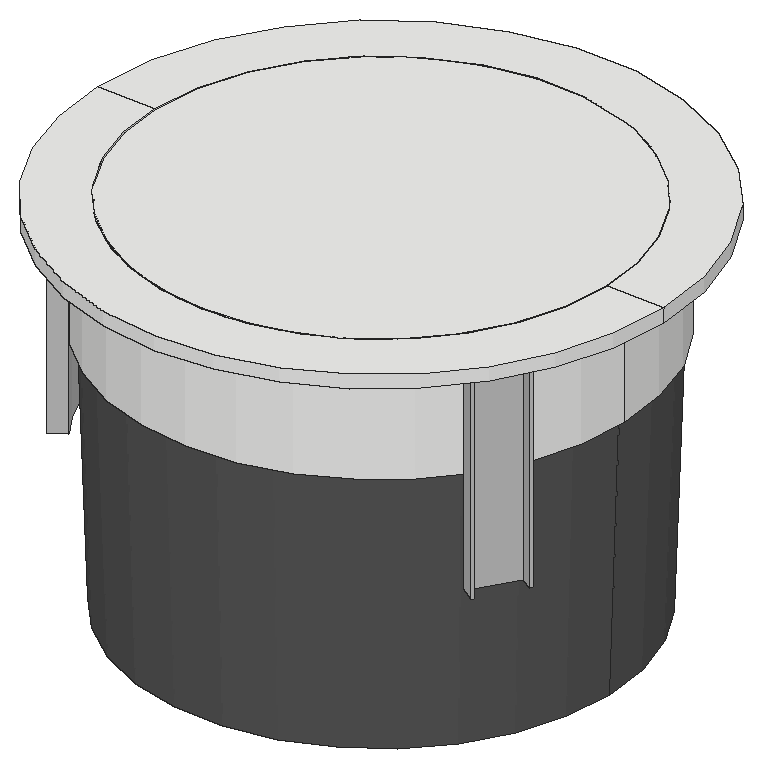
Revit family "Electronics_Commercial-Loudspeakers_Biamp_Ceiling-Speaker_EN-CM6T6", category Communication Devices, host Face, Revit 2020
Family settings
  Host = Face
  Maintain Annotation Orientation = No
  Round Connector Dimension = Use Diameter
  Part Type = Normal
  OmniClass Number = 23.85.10.11.14.14.14
  OmniClass Title = Loudspeakers
  Cut with Voids When Loaded = No
  Shared = No
  Room Calculation Point = No
Parameters (values of type "EN-CM6T6")
  Woofer cone material = "Coated paper"  # constant formula
  Vertical dispersion angle 1000 Hz = "180°"  # constant formula
  Operating temperatures = "-20°C to +80°C"  # constant formula
  Max SPL 1m in dB = "101,7"  # constant formula
  Main construction material = "Steel"  # constant formula
  Low impedance dynamic power watts = "6"  # constant formula
  Loudspeaker system = "Full range"  # constant formula
  Woofer size in inch = "6.5"  # constant formula
  SPL 1W/1m in dB = "93,9"  # constant formula
  Mounting system = "3 clamps"  # constant formula
  IP rating = "50"  # constant formula
  Frequency response in Hz = "140 - 24 k"  # constant formula
  Connector Description = "Terminal strip; 100V operation"  # constant formula
  Colour = "White"  # constant formula
  Closest RAL colour (subject to deviations) = "RAL9010"  # constant formula
  Certificate ref = "1438/CPR/0351"  # constant formula
  Ceiling thickness range in mm = "1 - 60"  # constant formula
  Weight = 1.42 lbf  # constant formula
  Version = 1
  URL = "https://www.biamp.com/"
  Product data url = "https://bimobject.com/biamp/product/en-cm6t6_commercial-loudspeakers-en54-24"
  Product Page URL = "https://www.biamp.com/products/product-families/commercial-loudspeakers/en54-24#en-cm6t6"
  Product Documentation Link = "https://downloads.biamp.com/assets/docs/default-source/discontinued/biamp_data_sheet_en-cm6t6_aug20.pdf"
  Model = "EN-CM6T6"  # constant formula
  Manufacturer = "Biamp"  # constant formula
  Housing Material = Biamp - Plastic - White
  Grill Material = Biamp - Plastic - White(Grid)
  Diameter = 8.66142"  # constant formula
  Description = "EN-CM6T6 EN54-24 Certified 6 Ceiling Speaker"  # constant formula
  Depth = 5.3937"  # constant formula
  Default Elevation = 48"
  Date Updated = ""
  Date Created = "2023/08/21"
  100V transformer power taps in watts = "6 - 3 - 1.5"  # constant formula
Reference planes (in)
  plane 1 "Center (Front/Back)": y = 0
  plane 2: z = 0
  plane 3 "Center (Left/Right)": x = 0
Forms (in)
  Extrusion 1, solid, material "Biamp - Plastic - White(Grid)" <- "Grill Material", detail levels coarse
    sketch origin (0, 0, 0) x (1, 0, 0) y (0, 1, 0)
      loop
        circle (0, 0) r 3.45677
    from 0 to 0.19685
  Extrusion 2, solid, material "Biamp - Plastic - Black", detail levels coarse
    sketch origin (0, 0, 0) x (1, 0, 0) y (0, 1, 0)
      loop
        circle (0, 0) r 3.34646
    from -5.3937 to -1.5748
  Extrusion 3, void
    sketch origin (0, 0, 0) x (1, 0, 0) y (0, 1, 0)
      loop
        circle (0, 0) r 4.01082
    from -6.22047 to 0
  Revolve 4, solid, material "Biamp - Plastic - White" <- "Housing Material", detail levels coarse
    sketch origin (0, 0, 0) x (1, 0, 0) y (0, 0, 1)
      loop
        line (-3.74016, 0) -> (-3.74016, -1.5748) -> (0, -1.5748) -> (0, 0) -> (-3.45677, 0) -> (-3.45677, 0.19685) -> (-4.33071, 0.19685) -> (-4.33071, 0) -> (-3.74016, 0)
      axis (0, -1.5748) -> (0, 0.19685)
    angle from 0 to 360
  Revolve 5, solid, material "Biamp - Plastic - White" <- "Housing Material", detail levels medium+fine
    sketch origin (0, 0, 0) x (1, 0, 0) y (0, 0, 1)
      loop
        line (-3.74016, 0) -> (-3.74016, -1.5748) -> (0, -1.5748) -> (0, 0) -> (-3.45677, 0) -> (-3.45677, 0.19685) -> (-4.33071, 0.19685) -> (-4.33071, 0) -> (-3.74016, 0)
      axis (0, -1.5748) -> (0, 0.19685)
    angle from 0 to 360
  Extrusion 6, solid, material "Biamp - Plastic - White(Grid)" <- "Grill Material", detail levels medium+fine
    sketch origin (0, 0, 0) x (1, 0, 0) y (0, 1, 0)
      loop
        circle (0, 0) r 3.45677
    from 0 to 0.19685
  Revolve 7, solid, material "Biamp - Plastic - Black", detail levels medium+fine
    sketch origin (0, 0, 0) x (1, 0, 0) y (0, 0, 1)
      loop
        line (0, -1.5748) -> (-3.64173, -1.5748) -> (-3.50837, -5.3937) -> (0, -5.3937) -> (0, -1.5748)
      axis (0, -5.3937) -> (0, -1.5748)
    angle from 0 to 360
  Extrusion 8, void
    sketch origin (0, 0, -5.3937) x (0, 1, 0) y (1, 0, 0)
      loop
        line (-0.85283, -1.4743) -> (-0.85283, 1.4743) -> (-1.5523, 1.4743) -> (-1.5523, -1.4743) -> (-0.85283, -1.4743)
    from -0.11198 to 0
  Extrusion 9, solid, material "Biamp - Metal - Gray", detail levels medium+fine
    sketch origin (0, 0, 0) x (1, 0, 0) y (0, 1, 0)
      loop
        arc (-0.3937, 3.71938) -> (0, 3.74016) -> (0.3937, 3.71938) r 3.74016
        line (0.3937, 3.71938) -> (0.3937, 3.97638) -> (0.35433, 3.97638) -> (0.35433, 3.76288)
        arc (0.35433, 3.76288) -> (0, 3.77953) -> (-0.35433, 3.76288) r 3.77953
        line (-0.35433, 3.76288) -> (-0.35433, 3.97638) -> (-0.3937, 3.97638) -> (-0.3937, 3.71938)
      loop
        arc (-3.02423, -2.20064) -> (-3.23907, -1.87008) -> (-3.41793, -1.51873) r 3.74016
        line (-3.41793, -1.51873) -> (-3.64049, -1.64723) -> (-3.62081, -1.68133) -> (-3.43592, -1.57458)
        arc (-3.43592, -1.57458) -> (-3.27317, -1.88976) -> (-3.08159, -2.1883) r 3.77953
        line (-3.08159, -2.1883) -> (-3.26648, -2.29505) -> (-3.24679, -2.32914) -> (-3.02423, -2.20064)
      loop
        line (3.02423, -2.20064) -> (3.24679, -2.32914) -> (3.26648, -2.29505) -> (3.08159, -2.1883)
        arc (3.08159, -2.1883) -> (3.27317, -1.88976) -> (3.43592, -1.57458) r 3.77953
        line (3.43592, -1.57458) -> (3.62081, -1.68133) -> (3.64049, -1.64723) -> (3.41793, -1.51873)
        arc (3.41793, -1.51873) -> (3.23907, -1.87008) -> (3.02423, -2.20064) r 3.74016
    from -3.14961 to 0
Cuts and joins
  Extrusion 8 cuts Extrusion 2
  Extrusion 8 cuts Revolve 7
Lines and regions (in)
  Masking region 1
    outline origin (0, 0, 0) x (1, 0, 0) y (0, 1, 0)
      loop
        circle (0, 0) r 4.33071
      loop
        circle (0, 0) r 3.45677
  Masking region 2
    outline origin (0, 0, 0) x (1, 0, 0) y (0, 1, 0)
      loop
        circle (0, 0) r 3.45677
  Masking region 3
    outline origin (0, 0, 0) x (1, 0, 0) y (0, 0, 1)
      loop
        line (-4.33071, 0.19685) -> (-4.33071, 0) -> (4.33071, 0) -> (4.33071, 0.19685) -> (-4.33071, 0.19685)
      loop
        line (-3.34646, -1.5748) -> (-3.34646, -5.3937) -> (3.34646, -5.3937) -> (3.34646, -1.5748) -> (-3.34646, -1.5748)
  Masking region 4
    outline origin (0, 0, 0) x (1, 0, 0) y (0, 0, 1)
      loop
        line (-3.74016, 0) -> (-3.74016, -1.5748) -> (3.74016, -1.5748) -> (3.74016, 0) -> (-3.74016, 0)
Dimensions and locks (in)
  aligned and locked: plane 2 to host face
  aligned and locked: level to host face
Connectors (in)
  electrical at (0, -1.20257, -5.28172), driven by "Connector Description"
    settings: on cut or joined group of Extrusion 2, Extrusion 8, index 1, voltage 0 V, apparent load 0 VA, apparent load phase1 0 VA, apparent load phase2 0 VA, apparent load phase3 0 VA, power factor 1, load classification "Other", number of poles 1, system type 5, power factor state 1, is connector primary yes, connector utility no, sub classification motor no, connector description "Terminal strip; 100V operation"
